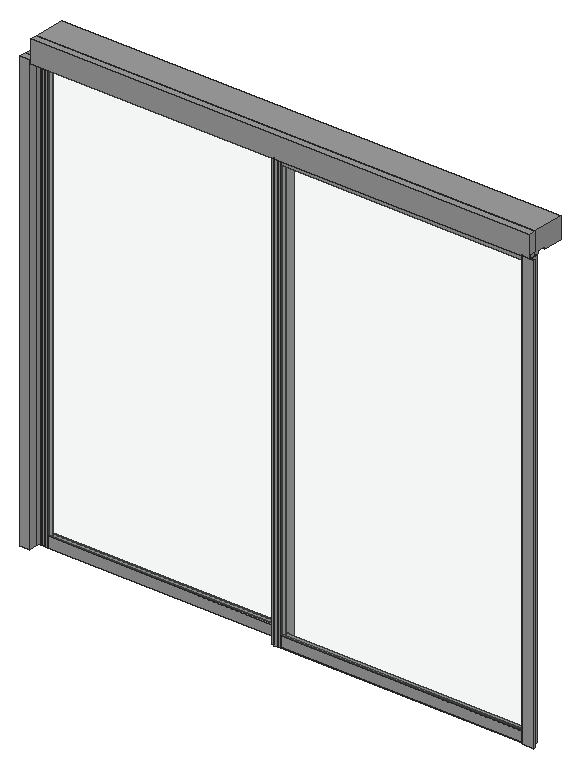
Revit family "agtatec_Record_SldngDrset_E-STA_WallBased", category Doors, host Wall, Revit 2015
Parameters (values of type "E-STA-L 108 mm drive unit height - left - with side panel")
  WithoutDriveCladding(OnlyApplicableForTypesWithoutSidePanels) = not(WithDriveCladding)  # no
  Without side panels = and(not(RightPanel), not(LeftPanel))  # no
  WithinStandardSizes = and(OpeningWidth > 799.90 mm, OpeningWidth < 3000.10 mm, ClearHeightOfPassage < 3000.10 mm, ClearHeightOfPassage > 1999.90 mm)  # yes
  WithDriveCladding = yes
  Weight = "Depends on configuration and size"
  WarrantyDurationUnit = "Depends on country"
  WallMountingProfile = yes
  TotalWidth = if(LeftPanel, SidePanelWidthLeft + OpeningWidth + 55.00 mm, if(RightPanel, SidePanelWidthRight + OpeningWidth + 55.00 mm, OpeningWidth + 110.00 mm))  # 2555.00 mm
  TotalHeight = ClearHeightOfPassage + DriveUnitHeight  # 2295.00 mm
  SustainabilityPerformance = "n/a"
  SupportLengthRight = if(InterlancingProfileRight, (OpeningWidth - 46.00 mm) / 2 + SidePanelWidthRight + DriveUnitExtraWidthRight, (OpeningWidth / 2) + 16.00 mm)  # 616.00 mm
  SupportLengthLeft = if(InterlancingProfileLeft, (OpeningWidth - 46.00 mm) / 2 + SidePanelWidthLeft + DriveUnitExtraWidthLeft, (OpeningWidth / 2) + 16.00 mm)  # 1877.00 mm
  SupportLength = SupportLengthRight + SupportLengthLeft  # 2493.00 mm
  SideVoidRight = if(RightPanel, (OpeningWidth / 2) - 16.00 mm + SidePanelWidthRight - 47.00 mm + if(Offset > 0.00 mm, 47.00 mm, 0.00 mm), if(InterlancingProfileLeft, ((OpeningWidth / 2) + 16.00 mm + if(Offset > 0.00 mm, 55.00 mm, 0.00 mm)), ((OpeningWidth / 2) - 16.00 mm + if(Offset > 0.00 mm, 55.00 mm, 0.00 mm))))  # 616.00 mm
  SideVoidLeft = if(LeftPanel, (OpeningWidth / 2) - 16.00 mm + SidePanelWidthLeft - 47.00 mm + if(Offset > 0.00 mm, 47.00 mm, 0.00 mm), if(InterlancingProfileRight, ((OpeningWidth / 2) + 16.00 mm + if(Offset > 0.00 mm, 55.00 mm, 0.00 mm)), ((OpeningWidth / 2) - 16.00 mm + if(Offset > 0.00 mm, 55.00 mm, 0.00 mm))))  # 1837.00 mm
  SidePanelWidthRight = OpeningWidth + 100.00 mm + ExtraRight  # 1300.00 mm
  SidePanelWidthLeft = OpeningWidth + 100.00 mm + ExtraLeft  # 1300.00 mm
  SidePanelMinimumStandard = InnerPanelWidth + 50.00 mm  # 1282.00 mm
  ServiceLifeType = "n/a"
  SecurityRating = "None"
  RightProfile = DoorOpeningLeft > DoorOpeningRight  # no
  RightPanel = no
  Revision = "n/a"
  ProductInformation = "www.agta-record.com"
  Process = "n/a"
  PassageMountingProfile(OnlyApplicableForTypesWithTwoSidePanels) = not(WallMountingProfile)  # no
  PanelHeight = ClearHeightOfPassage + 13.00 mm  # 2200.00 mm
  PanelFrames = agtatec_Record_Sliding Door, Aluminium
  PanelFill = agtatec_Record_Sliding Door, Laminated Safety Glass (Clear)
  Operation = "n/a"
  OpeningWidth = 1200.00 mm
  OpeningAxis = if(RightPanel, (((SidePanelWidthRight + OpeningWidth - 32.00 mm + SidePanelWidthLeft) / 2) + ExtraWidthRight / 2), if(LeftPanel, (((SidePanelWidthRight + OpeningWidth - 32.00 mm + SidePanelWidthLeft) / 2) - (ExtraWidthLeft / 2)), ((SidePanelWidthRight + OpeningWidth - 32.00 mm + SidePanelWidthLeft) / 2)))  # 1884.00 mm
  OffsetFromWallTop = 0.00 mm
  OffsetFromWallSide = 0.00 mm
  OffsetFromInteriorWallFace(OnlyApplicableForTypesWithTwoSidePanels) = 0.00 mm
  Offset = if(Without side panels, 0.00 mm, [OffsetFromInteriorWallFace(OnlyApplicableForTypesWithTwoSidePanels)])  # 0.00 mm
  Name = "SldngDrset_THERMCORD-D-STA_WallBased_Record"
  NBSTypeID = "n/a"
  NBSReference = "25-50-20/175"
  NBSOfficeMasterTag = "n/a"
  NBSNote = "n/a"
  NBSDescription = "Sliding Doorset"
  NBSCertification = "n/a"
  ModelNumber = "n/a"
  ModelLabel = "n/a"
  MethodOfMeasurement = "n/a"
  ManufacturerName = "Record"
  Thickness = 0.00 mm
  LeftProfile = DoorOpeningRight > DoorOpeningLeft  # no
  LeftPanel = yes
  InterlancingProfileRight = no
  InterlancingProfileLeft = yes
  InstallationDate [instance] = "1900-12-31T23:59:59"
  InnerPanelWidth = OpeningWidth + 32.00 mm  # 1232.00 mm
  IfcExportType = "Door"
  IfcExportAs = "IfcDoorStyle"
  Grade = "n/a"
  GlazingAreaFraction = "Depends on size. Can be calculated"
  FloorGuide = agtatec_Record_Sliding Door, Stainless Steel
  FireRating = "None"
  Fire Rating = "n/a"
  Features = "n/a"
  ExtraWidthRight = 0.00 mm
  ExtraWidthLeft = 0.00 mm
  ExtraRight = if(not(RightPanel), 0.00 mm, ExtraWidthRight)  # 0.00 mm
  ExtraLeft = if(not(LeftPanel), 0.00 mm, ExtraWidthLeft)  # 0.00 mm
  ExpectedLife = "n/a"
  DurationUnit = "year"
  Width = TotalWidth  # 2555.00 mm
  WarrantyStartDate [instance] = "1900-12-31T23:59:59"
  WarrantyGuarantorParts = "Local door manufacturer"
  WarrantyGuarantorLabour = "Local door manufacturer"
  WarrantyDurationParts = "Depends on country"
  WarrantyDurationLabour = "Depends on country"
  WarrantyDescription = "Depends on country"
  Version = "Version 1.0"
  Uniclass2 = "Ss_25_30_20_77"
  URL = "www.agta-record.com"
  Type Comments = "n/a"
  ThresholdStripping = "No additional required, part of the doorset"
  ThresholdRequired = yes
  ThermalTransmittance = 0
  TagNumber [instance] = "n/a"
  SmokeStop = no
  Size = "n/a"
  Shape = "Rectangular"
  ServiceLifeDuration = "10-15 years"
  SerialNumber [instance] = "n/a"
  SelfClosing = yes
  Rough Width = TotalWidth + OffsetFromWallSide + 6.00 mm  # 2561.00 mm
  Rough Height = TotalHeight + OffsetFromWallTop + 6.00 mm  # 2301.00 mm
  ReplacementCost = "Depends on the configuration and door type"
  ReferenceStandard = "EN16005, EN16361, DIN 18650, etc."
  Reference = "n/a"
  ProductionYear = "n/a"
  PassageWidthOptions = "n/a"
  NominalWidth = TotalWidth  # 2555.00 mm
  NominalLength = 0.00 mm
  NominalHeight = TotalHeight  # 2295.00 mm
  ModelReference = "Depends on the configuration"
  Model = "record Standard Linear Slider"
  Material = "Aluminium"
  ManufacturerURL = "www.agta-record.com"
  Manufacturer = "info@recorduk.co.uk"
  LeafColourOptions = "All RAL, customer specific"
  Keynote = "n/a"
  IssueDate = "n/a"
  IsExternal = yes
  Infiltration = "n/a"
  Height = TotalHeight  # 2295.00 mm
  HasDrive = yes
  HandicapAccessible = yes
  GlassType = "Part of glazing spec"
  GlassThickness2 = "6 mm (default)"
  GlassThickness1 = "6 mm (default)"
  GlassLayers = 2
  FrameSeal = yes
  FrameProfile = "Aluminium"
  FrameMaterial = "Aluminium"
  FrameFinishOptions = "n/a"
  FireExit = no
  Finish = "Powder coated, Anodized, customer specific"
  ElectronicLock = yes
  DriveUnitHeight = 108.00 mm
  DriveUnitExtraWidthRight = 0.00 mm
  DriveUnitExtraWidthLeft = 0.00 mm
  DriveUnit = agtatec_Record_Sliding Door, Sheet Metal (Painted Steel)
  DriveDepth = if(WithDriveCladding, 210.00 mm, 157.00 mm)  # 210.00 mm
  DoorsetOperation = "Automatic"
  DoorsetFasteners = "Screws"
  DoorSeal = "yes"
  DoorOpeningRight = if(InterlancingProfileRight, SidePanelWidthLeft + DoorOpening, (SidePanelWidthLeft - DoorOpening))  # 1300.00 mm
  DoorOpeningLeft = if(InterlancingProfileLeft, SidePanelWidthRight + DoorOpening, (SidePanelWidthRight - DoorOpening))  # 1300.00 mm
  DoorOpening = 0.00 mm
  DoorNumber = "n/a"
  DoorIncluded = yes
  Documentation = "n/a"
  DocumentReference = "n/a"
  Description = "Automatic Sliding Door"
  Cost = 0
  Controller = "n/a"
  Construction Type = "Automatic Sliding Door"
  Constituents = "n/a"
  Configuration = "1 or 2"
  Colour = "Customer specific"
  CodePerformance = "n/a"
  ClearanceZones = no
  ClearHeightOfPassage = 2187.00 mm
  CenterOfDoor = if(InterlancingProfileLeft, ((SidePanelWidthRight - 32.00 mm) + ((SupportLength) / 2)), 7.00 mm + (SupportLength / 2) - DriveUnitExtraWidthRight)  # 2514.50 mm
  Category = "n/a"
  BreakoutFacility = "n/a"
  BarCode [instance] = "n/a"
  BIMObjectName = "agtatec_Record_SlidingDoorset_E-STA_WallBased"
  Author = "agtatec"
  AssetType = "n/a"
  AssetIdentifier [instance] = "n/a"
  Assembly Code = "B2030110"
  AntiFingerTrapRequirement = yes
  AlternativeDoorsetGlazing = "Part of glazing spec"
  AcousticRating = "None"
  AccessoryOptions = "Contact manufacturer"
  AccessibilityPerformance = "n/a"
Reference planes
  plane 1: y = 0
  plane 2 "Center (Left/Right)": x = 0
  plane 3 "Wall Edge": y = 76.2
  plane 4: z = 2295
  plane 5: x = -1246.5
  plane 6: x = 1206.5
  plane 7: x = -2514.5
  plane 8 "Opening Axis": x = -630.5
Lines and regions (mm)
  Opening 1
    outline origin (-1524, -76.2, 0) x (1, 0, 0) y (0, 0, 1)
      loop
        line (277.5, 2295) -> (277.5, 0) -> (2730.5, 0) -> (2730.5, 2295) -> (277.5, 2295)
Text (mm)
  text "Placement Side" at (0, 1019.848, 3124.603), in view "Right"
  text "Placement Side" at (-1787.662, 382.045, 0), in view "Ref. Level"
  text "Placement Side" at (0, 2073.289, 3571.227), in view "Left"
Dimensions and locks
  locked: plane 3 "Wall Edge" to host wall
  "OffsetFromWallTop": Opening 1 sketch curve to plane 4
  "TotalHeight": plane 4 to level
  "OffsetFromWallSide": plane 5 to Opening 1 sketch curve
  "OffsetFromWallSide": Opening 1 sketch curve to plane 6
  "CenterOfDoor": plane 7 to plane 2 "Center (Left/Right)"
  "OpeningAxis": plane 7 to plane 8 "Opening Axis"
  "SideVoidRight": plane 5 to plane 8 "Opening Axis"
  "SideVoidLeft": plane 8 "Opening Axis" to plane 6
  "Offset": nested 1 to plane 3 "Wall Edge"
  aligned and locked: nested 1 to plane 2 "Center (Left/Right)"
Automatic sketch dimensions
  Opening 1 sketch curve to level = 0.00 mm
Nested families
  nested 1: "E-STA" at (-53.497, 76.2, 0), type "E-STA-L 150 mm drive unit height - left - with side panel"
    with WarrantyStartDate "Depends on country", TagNumber "n/a", SerialNumber "n/a", InstallationDate "n/a", BarCode "n/a", AssetIdentifier "n/a", TotalHeight 2295.00 mm, DriveUnitHeight 108.00 mm, Rough Height 2301.00 mm, NominalHeight 2295.00 mm, Height 2295.00 mm
Definition of nested family "E-STA"
  Parameters
    WithoutSidePanels = and(not(RightPanel), not(LeftPanel))  # no
    WithoutDriveCladding(OnlyApplicableForTypesWithoutSidePanels) = not(WithDriveCladding)  # no
    WithinStandardSizes = and(OpeningWidth > 799.90 mm, OpeningWidth < 3000.10 mm, ClearHeightOfPassage < 3000.10 mm, ClearHeightOfPassage > 1999.90 mm)  # yes
    WithDriveCladding = yes
    Weight = "Depends on configuration and size"
    WarrantyDurationUnit = "Depends on country"
    WallOpeningWidth = if(and(RightPanel, LeftPanel), OpeningWidth + SidePanelWidthRight + SidePanelWidthLeft, if(RightPanel, OpeningWidth + SidePanelWidthRight, if(LeftPanel, OpeningWidth + SidePanelWidthLeft, OpeningWidth)))  # 2500.00 mm
    WallMountingRight = and(WallMountingProfile, RightPanel)  # no
    WallMountingProfile = yes
    WallMountingLeft = and(WallMountingProfile, LeftPanel)  # yes
    TotalWidth = if(LeftPanel, SidePanelWidthLeft + OpeningWidth + 55.00 mm, if(RightPanel, SidePanelWidthRight + OpeningWidth + 55.00 mm, OpeningWidth + 110.00 mm))  # 2555.00 mm
    TotalHeight = ClearHeightOfPassage + DriveUnitHeight  # 2337.00 mm
    SustainabilityPerformance = "n/a"
    SupportLengthRight = if(InterlancingProfileRight, (OpeningWidth - 46.00 mm) / 2 + SidePanelWidthRight + DriveUnitExtraWidthRight, (OpeningWidth / 2) + 16.00 mm)  # 616.00 mm
    SupportLengthLeft = if(InterlancingProfileLeft, (OpeningWidth - 46.00 mm) / 2 + SidePanelWidthLeft + DriveUnitExtraWidthLeft, (OpeningWidth / 2) + 16.00 mm)  # 1877.00 mm
    SupportLength = SupportLengthRight + SupportLengthLeft  # 2493.00 mm
    SidePanelWidthRight = OpeningWidth + 100.00 mm + ExtraRight  # 1300.00 mm
    SidePanelWidthLeft = OpeningWidth + 100.00 mm + ExtraLeft  # 1300.00 mm
    SidePanelMinimumStandard = InnerPanelWidth + 50.00 mm  # 1282.00 mm
    ServiceLifeType = "n/a"
    SecurityRating = "None"
    RightPanel = no
    Revision = "n/a"
    ProfileOpeningRight = if(InterlancingProfileLeft, DoorOpeningRestriction, 0.00 mm)  # 0.00 mm
    ProfileOpeningLeft = if(InterlancingProfileRight, DoorOpeningRestriction, 0.00 mm)  # 0.00 mm
    ProductInformation = "www.agta-record.com"
    Process = "n/a"
    PassageMountingRight = and([PassageMountingProfile(OnlyApplicableForTypesWithTwoSidePanels)], RightPanel)  # no
    PassageMountingProfile(OnlyApplicableForTypesWithTwoSidePanels) = not(WallMountingProfile)  # no
    PassageMountingLeft = and([PassageMountingProfile(OnlyApplicableForTypesWithTwoSidePanels)], LeftPanel)  # no
    PanelHeight = ClearHeightOfPassage + 13.00 mm  # 2200.00 mm
    PanelFrames = none
    PanelFill = none
    OuterPanelWidthRight = OpeningWidth + 73.00 mm + ExtraRight  # 1273.00 mm
    OuterPanelWidthLeft = OpeningWidth + 73.00 mm + ExtraLeft  # 1273.00 mm
    OpeningWidth = 1200.00 mm
    Name = "SldngDrset_E-STA_Standalone_Record"
    NBSTypeID = "n/a"
    NBSReference = "25-50-20/175"
    NBSOfficeMasterTag = "n/a"
    NBSNote = "n/a"
    NBSDescription = "Sliding Doorset"
    NBSCertification = "n/a"
    ModelNumber = "n/a"
    ModelLabel = "n/a"
    MethodOfMeasurement = "n/a"
    ManufacturerName = "Record"
    LeftPanel = yes
    InterlancingProfileRight = no
    InterlancingProfileLeft = yes
    InterlancingProfileHeight = PanelHeight - 5.00 mm  # 2195.00 mm
    InstallationDate [instance] = "n/a"
    InnerPanelWidth = OpeningWidth + 32.00 mm  # 1232.00 mm
    IfcExportType = "n/a"
    IfcExportAs = "n/a"
    Grade = "n/a"
    GlazingAreaFraction = "Depends on size. Can be calculated"
    FloorGuide = none
    FireRating = "None"
    Features = "n/a"
    ExtraWidthRight = 0.00 mm
    ExtraWidthLeft = 0.00 mm
    ExtraRight = if(not(RightPanel), 0.00 mm, ExtraWidthRight)  # 0.00 mm
    ExtraLeft = if(not(LeftPanel), 0.00 mm, ExtraWidthLeft)  # 0.00 mm
    ExpectedLife = "n/a"
    DurationUnit = "year"
    DriveUnitHeight = 150.00 mm
    DriveUnitExtraWidthRight = 0.00 mm
    DriveUnitExtraWidthLeft = 0.00 mm
    DriveUnit = none
    Width = TotalWidth  # 2555.00 mm
    WarrantyStartDate [instance] = "Depends on country"
    WarrantyGuarantorParts = "Local door manufacturer"
    WarrantyGuarantorLabour = "Local door manufacturer"
    WarrantyDurationParts = "Depends on country"
    WarrantyDurationLabour = "Depends on country"
    WarrantyDescription = "Depends on country"
    Version = "Version 1.0"
    Uniclass2 = "Ss_25_30_20_77"
    URL = "www.agta-record.com"
    Type Comments = ""
    ThresholdStripping = "No additional required, part of the doorset"
    ThresholdRequired = yes
    ThermalTransmittance = 0
    TagNumber [instance] = "n/a"
    SmokeStop = no
    Size = "n/a"
    Shape = "Rectangular"
    ServiceLifeDuration = "10-15 years"
    SerialNumber [instance] = "n/a"
    SelfClosing = yes
    Rough Width = TotalWidth + 6.00 mm  # 2561.00 mm
    Rough Height = TotalHeight + 6.00 mm  # 2343.00 mm
    ReplacementCost = "Depends on the configuration and door type"
    ReferenceStandard = "EN16005, EN16361, DIN 18650, etc."
    Reference = "n/a"
    ProductionYear = "n/a"
    PassageWidthOptions = "n/a"
    Operation = "n/a"
    NominalWidth = TotalWidth  # 2555.00 mm
    NominalLength = 0.00 mm
    NominalHeight = TotalHeight  # 2337.00 mm
    ModelReference = "Depends on the configuration"
    Model = "record Standard Linear Slider"
    Material = "Aluminium"
    ManufacturerURL = "www.agta-record.com"
    Manufacturer = "info@recorduk.co.uk"
    LeafColourOptions = "All RAL, customer specific"
    Keynote = ""
    IssueDate = ""
    IsExternal = yes
    Infiltration = "n/a"
    Height = TotalHeight  # 2337.00 mm
    HasDrive = yes
    HandicapAccessible = yes
    GlassType = "Part of glazing spec"
    GlassThickness2 = "6 mm (default)"
    GlassThickness1 = "6 mm (default)"
    GlassLayers = 2
    Function = 1
    FrameSeal = yes
    FrameProfile = "Aluminium"
    FrameMaterial = "Aluminium"
    FrameFinishOptions = "n/a"
    FireExit = no
    Finish = "Powder coated, Anodized, customer specific"
    ElectronicLock = yes
    DriveDepth2 = if([WithoutDriveCladding(OnlyApplicableForTypesWithoutSidePanels)], 0.00 mm, 37.00 mm)  # 37.00 mm
    DriveDepth = if([WithoutDriveCladding(OnlyApplicableForTypesWithoutSidePanels)], 157.00 mm, 194.00 mm)  # 194.00 mm
    DoorsetOperation = "Automatic"
    DoorsetFasteners = "Screws"
    DoorSeal = "yes"
    DoorOpeningRight = if(InterlancingProfileRight, SidePanelWidthLeft + DoorOpeningRestriction, (SidePanelWidthLeft - DoorOpeningRestriction))  # 1300.00 mm
    DoorOpeningRestriction = if(DoorOpening > OpeningWidth, OpeningWidth, DoorOpening)  # 0.00 mm
    DoorOpeningLeft = if(InterlancingProfileLeft, SidePanelWidthRight + DoorOpeningRestriction, (SidePanelWidthRight - DoorOpeningRestriction))  # 1300.00 mm
    DoorOpening = 0.00 mm
    DoorNumber = "n/a"
    DoorIncluded = yes
    Documentation = "n/a"
    DocumentReference = "n/a"
    DistanceToWall = if([WithoutDriveCladding(OnlyApplicableForTypesWithoutSidePanels)], 20.00 mm, 57.00 mm)  # 57.00 mm
    Description = "Automatic Sliding Door"
    Cost = 0
    Controller = "n/a"
    Construction Type = "Automatic Sliding Door"
    Constituents = "n/a"
    Configuration = "1 or 2"
    Colour = "Customer specific"
    CodePerformance = "n/a"
    ClearanceZones = no
    ClearanceZoneRight = if(not(InterlancingProfileRight), (SupportLength / 2) + 55.00 mm, if(or(not(RightPanel), DriveUnitExtraWidthRight > 0.00 mm), SupportLength / 2, if(not(WallMountingProfile), (SupportLength / 2) + 7.00 mm, (SupportLength / 2) + 23.00 mm)))  # 1301.50 mm
    ClearanceZoneLeft = if(not(InterlancingProfileLeft), (SupportLength / 2) + 55.00 mm, if(or(not(LeftPanel), DriveUnitExtraWidthLeft > 0.00 mm), SupportLength / 2, if(not(WallMountingProfile), (SupportLength / 2) + 7.00 mm, (SupportLength / 2) + 23.00 mm)))  # 1269.50 mm
    ClearHeightOfPassage = 2187.00 mm
    CladdingVoid = if(WithoutSidePanels, 9.00 mm, 41.00 mm)  # 41.00 mm
    CladdingProfile = not([WithoutDriveCladding(OnlyApplicableForTypesWithoutSidePanels)])  # yes
    CenterOfDoor = if(InterlancingProfileLeft, ((SidePanelWidthRight - 32.00 mm) + ((SupportLength) / 2)), 7.00 mm + (SupportLength / 2) - DriveUnitExtraWidthRight)  # 2514.50 mm
    Category = "n/a"
    BreakoutFacility = "n/a"
    BarCode [instance] = "n/a"
    BIMObjectName = "agtatec_Record_SlidingDoorset_E-STA_Standalone"
    Author = "agtatec"
    AssetType = "n/a"
    AssetIdentifier [instance] = "n/a"
    Assembly Code = "B2030110"
    AntiFingerTrapRequirement = yes
    AlternativeDoorsetGlazing = "Part of glazing spec"
    AcousticRating = "None"
    AccessoryOptions = "Contact manufacturer"
    AccessibilityPerformance = "n/a"
  Reference planes
    plane 1 "Center (Front/Back)": y = 0
    plane 2: z = 0
    plane 3 "Ref": x = 6.997
    plane 4: y = 5
    plane 5: y = 101
    plane 6: z = 2337
    plane 7: z = 2187
    plane 8: z = 2545.08
    plane 9: x = -1244.003
    plane 10: z = 2357
    plane 11: y = 344
    plane 12 "Reference": z = 270
    plane 13 "2D Lines": z = 100
    plane 14: x = -1193.003
    plane 15: y = 57
    plane 16: x = 1306.997
    plane 17 "Ex Center (Left/Right)": x = -577.003
    plane 18: x = 38.997
    plane 19: x = 89.997
    plane 20: x = -1161.003
    plane 21: x = 18.997
    plane 22: x = -1173.003
    plane 23: x = -2461.003
    plane 24: y = 46
    plane 25: x = -1161.003
    plane 26: x = 6.997
    plane 27: y = 194
    plane 28 "Drive Unit - Front": y = 5
    plane 29: x = 38.997
    plane 30: x = -1193.003
    plane 31: x = 1299.997
    plane 32: x = -1193.003
    plane 33 "Center (Left/Right)": x = 53.497
    plane 34: x = 1322.997
    plane 35: x = -1248.003
  Forms (mm)
    Extrusion 1, solid, material <- "PanelFrames", visible <- "PassageMountingLeft"
      sketch origin (-430.68, 0, 0) x (-1, 0, 0) y (0, -1, 0)
        loop
          line (-1697.677, -3) -> (-1697.677, 0) -> (-1737.677, 0) -> (-1737.677, -40) -> (-1697.677, -40) -> (-1697.677, -38) -> (-1734.677, -38) -> (-1734.677, -3) -> (-1697.677, -3)
      from 0 to 2187
    Extrusion 2, solid, material <- "PanelFrames", visible <- "WallMountingLeft"
      sketch origin (-430.68, 0, 0) x (1, 0, 0) y (0, 1, 0)
        loop
          line (1697.677, 38) -> (1734.677, 38) -> (1734.677, 3) -> (1697.677, 3) -> (1697.677, 0) -> (1753.677, 0) -> (1753.677, 4) -> (1737.677, 4) -> (1737.677, 40) -> (1697.677, 40) -> (1697.677, 38)
      from 0 to 2187
    Extrusion 3, solid, material <- "PanelFrames", visible <- "PassageMountingRight"
      sketch origin (-723.327, 0, 0) x (1, 0, 0) y (0, 1, 0)
        loop
          line (-1697.677, 3) -> (-1734.677, 3) -> (-1734.677, 38) -> (-1697.677, 38) -> (-1697.677, 40) -> (-1737.677, 40) -> (-1737.677, 0) -> (-1697.677, 0) -> (-1697.677, 3)
      from 0 to 2187
    Extrusion 4, solid, material <- "PanelFrames", visible <- "WallMountingRight"
      sketch origin (-723.327, 0, 0) x (-1, 0, 0) y (0, -1, 0)
        loop
          line (1697.677, 0) -> (1697.677, -3) -> (1734.677, -3) -> (1734.677, -38) -> (1697.677, -38) -> (1697.677, -40) -> (1737.677, -40) -> (1737.677, -4) -> (1753.677, -4) -> (1753.677, 0) -> (1697.677, 0)
      from 0 to 2187
    Extrusion 5, solid, visible <- "ClearanceZones"
      sketch origin (-1193.003, 0, -304.8) x (0, 0, -1) y (0, 1, 0)
        loop
          line (-2661.8, 0) -> (-304.8, 0) -> (-304.8, 344) -> (-2661.8, 344) -> (-2661.8, 0)
      from -55 to 2516
    Extrusion 6, solid, material <- "DriveUnit"
      sketch origin (-1193.003, 0, -304.8) x (0, 0, -1) y (0, 1, 0)
        loop
          line (-2491.8, 37) -> (-2491.8, 54) -> (-2504.8, 54) -> (-2504.8, 96) -> (-2491.8, 96) -> (-2491.8, 194) -> (-2641.8, 194) -> (-2641.8, 37) -> (-2491.8, 37)
      from 0 to 2493
    Extrusion 7, solid, material <- "DriveUnit", visible <- "CladdingProfile"
      sketch origin (-577.003, -62.403, 1200) x (0, -1, 0) y (0, 0, 1)
        loop
          line (-62.403, 987) -> (-62.403, 1137) -> (-99.403, 1137) -> (-99.403, 987) -> (-62.403, 987)
      from -1877 to 616
    Extrusion 8, void
      sketch origin (-1826.039, 46, 1200) x (1, 0, 0) y (0, 0, 1)
        loop
          line (633.035, 1000) -> (633.035, 987) -> (3126.035, 987) -> (3126.035, 1000) -> (633.035, 1000)
      from 0 to 41 <- "CladdingVoid"
  Cuts and joins
    Extrusion 8 cuts Extrusion 1
    Extrusion 8 cuts Extrusion 2
    Extrusion 8 cuts Extrusion 7
  Lines and regions (mm)
    Masking region 1, visible <- "PassageMountingLeft"
      outline origin (0, 0, 0) x (1, 0, 0) y (0, 1, 0)
        loop
          line (1266.997, 38) -> (1303.997, 38) -> (1303.997, 3) -> (1266.997, 3) -> (1266.997, 0) -> (1306.997, 0) -> (1306.997, 40) -> (1266.997, 40) -> (1266.997, 38)
    Masking region 2, visible <- "WallMountingLeft"
      outline origin (0, 0, 0) x (1, 0, 0) y (0, 1, 0)
        loop
          line (1266.997, 40) -> (1266.997, 38) -> (1303.997, 38) -> (1303.997, 3) -> (1266.997, 3) -> (1266.997, 0) -> (1322.997, 0) -> (1322.997, 4) -> (1306.997, 4) -> (1306.997, 40) -> (1266.997, 40)
    Masking region 3, visible <- "PassageMountingRight"
      outline origin (0, 0, 0) x (1, 0, 0) y (0, 1, 0)
        loop
          line (-2461.003, 40) -> (-2461.003, 0) -> (-2421.003, 0) -> (-2421.003, 3) -> (-2458.003, 3) -> (-2458.003, 38) -> (-2421.003, 38) -> (-2421.003, 40) -> (-2461.003, 40)
    Masking region 4, visible <- "WallMountingRight"
      outline origin (0, 0, 0) x (1, 0, 0) y (0, 1, 0)
        loop
          line (-2477.003, 0) -> (-2421.003, 0) -> (-2421.003, 3) -> (-2458.003, 3) -> (-2458.003, 38) -> (-2421.003, 38) -> (-2421.003, 40) -> (-2461.003, 40) -> (-2461.003, 4) -> (-2477.003, 4) -> (-2477.003, 0)
    symbolic lines
      curve 1: line (-502.003, -50, 0) -> (-652.003, -50, 0)
    symbolic lines, visible <- "InterlancingProfileLeft"
      curve 2: line (-502.003, -50, 0) -> (-537.359, -14.645, 0)
      curve 3: line (-502.003, -50, 0) -> (-537.359, -85.355, 0)
    symbolic lines, visible <- "InterlancingProfileRight"
      curve 4: line (-652.003, -50, 0) -> (-616.648, -14.645, 0)
      curve 5: line (-652.003, -50, 0) -> (-616.648, -85.355, 0)
  Text (mm)
    text "Right" at (-1678.087, 0, 3204.03), in view "Back"
    text "Left" at (1021.913, 0, 3204.03), in view "Back"
  Dimensions and locks
    locked: plane 4 to plane 1 "Center (Front/Back)" at 5
    locked: plane 1 "Center (Front/Back)" to plane 5 at 101
    "DriveUnitHeight": plane 6 to plane 7
    locked: plane 8 to plane 7 at 358.08
    "ClearHeightOfPassage": plane 7 to plane 2
    locked: plane 10 to plane 6 at 20
    "OpeningWidth": plane 14 to plane 3 "Ref"
    locked: plane 9 to plane 14 at 51
    "SidePanelWidthLeft": plane 3 "Ref" to plane 16
    locked: plane 18 to plane 19 at 51
    "OpeningWidth": plane 20 to plane 18
    "InnerPanelWidth": plane 14 to plane 18
    equal spacing: plane 14, plane 17 "Ex Center (Left/Right)", plane 18
    locked: plane 3 "Ref" to plane 21 at 12
    locked: plane 22 to plane 20 at 12
    "SidePanelWidthRight": plane 23 to plane 20
    locked: plane 1 "Center (Front/Back)" to plane 24 at 46
    "DistanceToWall": plane 15 to plane 1 "Center (Front/Back)"
    "DoorOpeningLeft": plane 23 to plane 25
    "DoorOpeningRight": plane 26 to plane 16
    "DriveDepth": plane 1 "Center (Front/Back)" to plane 27
    "DriveUnitHeight": plane 27 to plane 11
    locked: plane 15 to nested 6 at 20
    locked: plane 15 to nested 2 at 20
    locked: Extrusion 6 sketch curve to Extrusion 6 sketch curve at 98
    "ProfileOpeningRight": plane 18 to plane 29
    "ProfileOpeningLeft": plane 30 to plane 14
    "SupportLengthLeft": plane 17 "Ex Center (Left/Right)" to plane 31
    "SupportLengthRight": plane 32 to plane 17 "Ex Center (Left/Right)"
    "DriveDepth2": plane 1 "Center (Front/Back)" to Extrusion 6 sketch curve
    locked: Extrusion 8 sketch curve to Extrusion 8 sketch curve at 13
    "CenterOfDoor": plane 23 to plane 33 "Center (Left/Right)"
    "ClearanceZoneLeft": plane 33 "Center (Left/Right)" to plane 34
    "ClearanceZoneRight": plane 35 to plane 33 "Center (Left/Right)"
    aligned and locked: plane 2 to level
    aligned and locked: plane 7 to Extrusion 2
    aligned and locked: plane 7 to Extrusion 1
    aligned and locked: plane 16 to Extrusion 1
    aligned and locked: nested 1 to plane 21
    aligned and locked: plane 15 to nested 3
    aligned and locked: plane 20 to nested 6
    aligned and locked: nested 2 to plane 3 "Ref"
    aligned and locked: plane 7 to Extrusion 3
    aligned and locked: plane 7 to Extrusion 4
    aligned and locked: plane 15 to nested 4
    aligned and locked: plane 10 to Extrusion 5 sketch curve
    aligned and locked: plane 11 to Extrusion 5 sketch curve
    aligned and locked: plane 1 "Center (Front/Back)" to Extrusion 5 sketch curve
    aligned and locked: level to Extrusion 5 sketch curve
    aligned and locked: nested 5 to plane 15
    aligned and locked: nested 7 to plane 15
    aligned and locked: plane 7 to Extrusion 6 sketch curve  (x2)
    aligned and locked: Extrusion 6 sketch curve to plane 6
    aligned and locked: plane 27 to Extrusion 6 sketch curve
    aligned and locked: nested 5 to plane 30
    aligned and locked: plane 30 to nested 4
    aligned and locked: nested 3 to plane 29
    aligned and locked: plane 29 to nested 7
    aligned and locked: plane 31 to Extrusion 6
    aligned and locked: plane 22 to nested 8
    aligned and locked: Extrusion 8 sketch curve to plane 31
    aligned and locked: plane 32 to Extrusion 8 sketch curve
    aligned and locked: plane 31 to cut or joined group of Extrusion 7, Extrusion 8
    aligned and locked: cut or joined group of Extrusion 7, Extrusion 8 to plane 32
    aligned and locked: Extrusion 5 to plane 35
    aligned and locked: plane 34 to Extrusion 5
  Automatic sketch dimensions
    Masking region 1 sketch curve to plane 4 = 2.00 mm
    plane 1 "Center (Front/Back)" to Masking region 1 sketch curve = 0.00 mm
    Masking region 1 sketch curve to plane 16 = 0.00 mm
    Masking region 1 sketch curve to plane 16 = 3.00 mm
    Masking region 1 sketch curve to plane 24 = 8.00 mm
    Masking region 1 sketch curve to Masking region 1 sketch curve = 37.00 mm  (x2)
    plane 17 "Ex Center (Left/Right)" to curve 1 = 75.00 mm
    plane 17 "Ex Center (Left/Right)" to curve 5 = 39.645 mm
    plane 1 "Center (Front/Back)" to curve 4 = 14.645 mm
    plane 17 "Ex Center (Left/Right)" to curve 4 = 39.645 mm
    plane 1 "Center (Front/Back)" to curve 2 = 14.645 mm
    curve 2 to plane 17 "Ex Center (Left/Right)" = 39.645 mm
    curve 3 to plane 17 "Ex Center (Left/Right)" = 39.645 mm
    plane 1 "Center (Front/Back)" to curve 2 = 50.00 mm
    curve 3 to curve 2 = 35.355 mm
    Extrusion 1 sketch curve to plane 16 = 0.00 mm
    plane 1 "Center (Front/Back)" to Extrusion 1 sketch curve = 0.00 mm
    plane 24 to Extrusion 1 sketch curve = 8.00 mm
    Extrusion 1 sketch curve to Extrusion 1 sketch curve = 37.00 mm
    Extrusion 1 sketch curve to Extrusion 1 sketch curve = 0.00 mm
    plane 4 to Extrusion 1 sketch curve = 2.00 mm
    plane 24 to Extrusion 1 sketch curve = 6.00 mm
    Masking region 1 sketch curve to Masking region 1 sketch curve = 2.00 mm
    plane 1 "Center (Front/Back)" to Extrusion 2 sketch curve = 0.00 mm
    Extrusion 2 sketch curve to plane 16 = 0.00 mm
    Extrusion 2 sketch curve to plane 24 = 8.00 mm
    Extrusion 2 sketch curve to Extrusion 2 sketch curve = 37.00 mm  (x2)
    plane 16 to Extrusion 2 sketch curve = 16.00 mm
    Extrusion 2 sketch curve to plane 4 = 2.00 mm
    Extrusion 2 sketch curve to plane 4 = 1.00 mm
    Extrusion 2 sketch curve to Extrusion 2 sketch curve = 2.00 mm
    plane 1 "Center (Front/Back)" to Masking region 2 sketch curve = 0.00 mm
    Masking region 2 sketch curve to plane 16 = 0.00 mm
    Masking region 2 sketch curve to plane 24 = 8.00 mm
    Masking region 2 sketch curve to Masking region 2 sketch curve = 37.00 mm  (x2)
    plane 16 to Masking region 2 sketch curve = 16.00 mm
    Masking region 2 sketch curve to plane 4 = 2.00 mm
    Masking region 2 sketch curve to plane 4 = 1.00 mm
    Masking region 2 sketch curve to Masking region 2 sketch curve = 2.00 mm
    plane 16 to Extrusion 1 sketch curve = 3.00 mm
    Extrusion 2 sketch curve to plane 16 = 3.00 mm
    Masking region 2 sketch curve to plane 16 = 3.00 mm
    Extrusion 3 sketch curve to plane 23 = 0.00 mm
    Extrusion 3 sketch curve to plane 4 = 2.00 mm
    plane 1 "Center (Front/Back)" to Extrusion 3 sketch curve = 0.00 mm
    Extrusion 3 sketch curve to plane 23 = 3.00 mm
    Extrusion 3 sketch curve to plane 24 = 8.00 mm
    Extrusion 3 sketch curve to Extrusion 3 sketch curve = 37.00 mm  (x2)
    Extrusion 3 sketch curve to plane 24 = 6.00 mm
    Extrusion 4 sketch curve to plane 23 = 0.00 mm
    Extrusion 4 sketch curve to plane 1 "Center (Front/Back)" = 0.00 mm
    plane 23 to Extrusion 4 sketch curve = 3.00 mm
    Extrusion 4 sketch curve to Extrusion 4 sketch curve = 37.00 mm  (x2)
    plane 24 to Extrusion 4 sketch curve = 8.00 mm
    Extrusion 4 sketch curve to plane 23 = 16.00 mm
    plane 4 to Extrusion 4 sketch curve = 2.00 mm
    plane 4 to Extrusion 4 sketch curve = 1.00 mm
    Extrusion 4 sketch curve to Extrusion 4 sketch curve = 2.00 mm
    Masking region 4 sketch curve to plane 1 "Center (Front/Back)" = 0.00 mm
    Masking region 4 sketch curve to plane 23 = 0.00 mm
    plane 23 to Masking region 4 sketch curve = 16.00 mm
    Masking region 4 sketch curve to plane 4 = 1.00 mm
    Masking region 4 sketch curve to plane 23 = 3.00 mm
    Masking region 4 sketch curve to plane 24 = 6.00 mm
    Masking region 4 sketch curve to Masking region 4 sketch curve = 37.00 mm
    Masking region 4 sketch curve to plane 4 = 2.00 mm
    Masking region 4 sketch curve to Masking region 4 sketch curve = 0.00 mm
    Masking region 4 sketch curve to Masking region 4 sketch curve = 2.00 mm
    plane 1 "Center (Front/Back)" to Masking region 3 sketch curve = 0.00 mm
    Masking region 3 sketch curve to plane 23 = 0.00 mm
    Masking region 3 sketch curve to plane 23 = 3.00 mm
    Masking region 3 sketch curve to plane 4 = 2.00 mm
    Masking region 3 sketch curve to Masking region 3 sketch curve = 37.00 mm
    Masking region 3 sketch curve to plane 24 = 6.00 mm
    Masking region 3 sketch curve to Masking region 3 sketch curve = 0.00 mm
    Masking region 3 sketch curve to Masking region 3 sketch curve = 2.00 mm
    Extrusion 7 sketch curve to plane 7 = 0.00 mm
    Extrusion 7 sketch curve to plane 6 = 0.00 mm
    Extrusion 7 sketch curve to plane 1 "Center (Front/Back)" = 0.00 mm
    Extrusion 7 sketch curve to plane 24 = 9.00 mm
    Extrusion 8 sketch curve to plane 7 = 0.00 mm
    Extrusion 6 sketch curve to plane 15 = 3.00 mm
    Extrusion 6 sketch curve to Extrusion 6 sketch curve = 13.00 mm
  Nested families
    nested 1: "Outer Panel" at (18.997, 5, 0), visible <- "LeftPanel", type "Left Panel"
      with Panel Height 2200.00 mm
    nested 2: "Interlacing profile - Outer" at (18.997, 37, 5) x (0, 1, 0) z (0, 0, 1), visible <- "InterlancingProfileLeft", type "Default"
      with Without side panels no, Interlacing profile 2 no, Interlacing profile 1 yes
    nested 3: "Interlacing profile - Inner" at (38.997, 57, 5) x (0, -1, 0) z (0, 0, 1), type "Left"
    nested 4: "Inner Panel" at (38.997, 57, 0) x (-1, 0, 0) z (0, 0, 1), visible <- "InterlancingProfileRight", type "Inner Panel"
    nested 5: "Interlacing profile - Inner" at (-1193.003, 57, 5) x (0, -1, 0) z (0, 0, 1), type "Right"
      with Side Panel yes, Opposite Panel no, Interlacing profile 3 no, Interlacing profile 2 yes, Interlacing profile 1 yes
    nested 6: "Interlacing profile - Outer" at (-1173.003, 37, 5) x (0, 1, 0) z (0, 0, 1), visible <- "InterlancingProfileRight", type "Default"
      with Without side panels no, Interlacing profile 2 no, Interlacing profile 1 yes
    nested 7: "Inner Panel" at (-1193.003, 57, 0), visible <- "InterlancingProfileLeft", type "Inner Panel"
    nested 8: "Outer Panel" at (-1173.003, 37, 0) x (-1, 0, 0) z (0, 0, 1), visible <- "RightPanel", type "Right Panel"
      with Right Panel yes, Panel Height 2200.00 mm, Left Panel no
  Definition of nested family "Outer Panel"
    Parameters
      Right Panel = no
      Panel Height = 2163.00 mm
      Panel Glass = none
      Panel Frames = none
      Outer Panel Width = 1273.00 mm
      Left Panel = yes
    Reference planes
      plane 1 "Center (Front/Back)": y = 0
      plane 2: z = 0
      plane 3 "Center (Left/Right)": x = 0
      plane 4: x = 1273
      plane 5: z = 2163
      plane 6: x = 1241
      plane 7: x = 32
      plane 8: z = 2144
      plane 9 "Above": z = 42
      plane 10: x = 1254.5
      plane 11: x = 18.5
      plane 12: y = 32
      plane 13: x = 10
    Forms (mm)
      Extrusion 1, solid, material <- "Panel Frames"
        sketch origin (0, 0, 0) x (1, 0, 0) y (0, 1, 0)
          loop
            line (0, 0) -> (32, 0) -> (32, 2.5) -> (16, 2.5) -> (16, 29.5) -> (32, 29.5) -> (32, 32) -> (0, 32) -> (0, 0)
        from 0 to 2163
      Extrusion 2, solid, material <- "Panel Frames"
        sketch origin (591.5, 0, 0) x (-1, 0, 0) y (0, -1, 0)
          loop
            line (-681.5, 0) -> (-681.5, -32) -> (-649.5, -32) -> (-649.5, -29.5) -> (-665.5, -29.5) -> (-665.5, -2.5) -> (-649.5, -2.5) -> (-649.5, 0) -> (-681.5, 0)
        from 0 to 2163
      Extrusion 3, solid, material <- "Panel Frames"
        sketch origin (75, 0, 0) x (0, 1, 0) y (0, 0, 1)
          loop
            line (0, 2163) -> (0, 2131) -> (2.5, 2131) -> (2.5, 2147) -> (29.5, 2147) -> (29.5, 2131) -> (32, 2131) -> (32, 2163) -> (0, 2163)
        from -43 to 1166
      Extrusion 4, solid, material <- "Panel Glass"
        sketch origin (0, 0, 0) x (1, 0, 0) y (0, 1, 0)
          loop
            line (18.5, 28) -> (18.5, 4) -> (1254.5, 4) -> (1254.5, 28) -> (18.5, 28)
        from 42 to 2144
      Extrusion 5, solid, material <- "Panel Frames"
        sketch origin (20, 0, 0) x (0, 1, 0) y (0, 0, 1)
          loop
            line (0, 5) -> (3.25, 5) -> (3.25, 0) -> (28.75, 0) -> (28.75, 5) -> (32, 5) -> (32, 55) -> (29.5, 55) -> (29.5, 39) -> (2.5, 39) -> (2.5, 55) -> (0, 55) -> (0, 5)
        from 12 to 1221
    Lines and regions (mm)
      Masking region 1
        outline origin (0, 0, 0) x (1, 0, 0) y (0, 1, 0)
          loop
            line (0, 32) -> (0, 0) -> (10, 0) -> (1273, 0) -> (1273, 32) -> (10, 32) -> (0, 32)
      symbolic lines, detail levels medium+fine
        curve 1: line (1241, 32, 42) -> (1241, 29.5, 42)
        curve 2: line (32, 32, 42) -> (32, 29.5, 42)
        curve 18: line (1241, 2.5, 42) -> (1241, 0, 42)
        curve 20: line (32, 2.5, 42) -> (32, 0, 42)
      symbolic lines, detail levels fine
        curve 3: line (32, 28, 42) -> (1241, 28, 42)
        curve 4: line (32, 4, 42) -> (1241, 4, 42)
        curve 5: line (1241, 29.5, 42) -> (1257, 29.5, 42)
        curve 6: line (1257, 29.5, 42) -> (1257, 2.5, 42)
        curve 7: line (1257, 2.5, 42) -> (1241, 2.5, 42)
        curve 8: line (1241, 28, 42) -> (1254.5, 28, 42)
        curve 9: line (1254.5, 28, 42) -> (1254.5, 4, 42)
        curve 10: line (1254.5, 4, 42) -> (1241, 4, 42)
        curve 11: line (32, 29.5, 42) -> (16, 29.5, 42)
        curve 12: line (16, 29.5, 42) -> (16, 2.5, 42)
        curve 13: line (16, 2.5, 42) -> (32, 2.5, 42)
        curve 14: line (32, 4, 42) -> (18.5, 4, 42)
        curve 15: line (18.5, 4, 42) -> (18.5, 28, 42)
        curve 16: line (18.5, 28, 42) -> (32, 28, 42)
      symbolic lines, detail levels medium
        curve 17: line (1241, 29.5, 42) -> (1241, 2.5, 42)
        curve 19: line (32, 29.5, 42) -> (32, 2.5, 42)
      symbolic lines, visible <- "Right Panel"
        curve 21: line (0, 32, 42) -> (10, 32, 42)
      symbolic lines, visible <- "Left Panel"
        curve 22: line (10, 0, 42) -> (0, 0, 42)
    Dimensions and locks
      "Panel Height": plane 5 to plane 2
      locked: plane 7 to plane 3 "Center (Left/Right)" at 32
      locked: plane 6 to plane 4 at 32
      locked: plane 5 to plane 8 at 19
      locked: plane 9 "Above" to level at 42
      locked: plane 4 to plane 10 at 18.5
      locked: plane 11 to plane 3 "Center (Left/Right)" at 18.5
      "Outer Panel Width": plane 4 to plane 3 "Center (Left/Right)"
      locked: plane 3 "Center (Left/Right)" to plane 13 at 10
      aligned and locked: plane 2 to level
      aligned and locked: plane 5 to Extrusion 2
      aligned and locked: plane 5 to Extrusion 1
      aligned and locked: Extrusion 3 to plane 7
      aligned and locked: Extrusion 3 to plane 6
      aligned and locked: plane 8 to Extrusion 4
      aligned and locked: Extrusion 4 to plane 9 "Above"
      aligned and locked: Extrusion 4 to plane 10
      aligned and locked: Extrusion 4 to plane 11
      aligned and locked: Extrusion 1 to level
      aligned and locked: Extrusion 2 to level
      aligned and locked: Extrusion 5 to plane 6
      aligned and locked: Extrusion 5 to plane 7
      aligned and locked: Masking region 1 sketch curve to plane 4
      aligned and locked: plane 13 to Masking region 1 sketch curve  (x2)
    Automatic sketch dimensions
      Extrusion 1 sketch curve to plane 3 "Center (Left/Right)" = 0.00 mm
      Extrusion 1 sketch curve to plane 7 = 0.00 mm  (x2)
      plane 1 "Center (Front/Back)" to Extrusion 1 sketch curve = 0.00 mm
      Extrusion 1 sketch curve to plane 11 = 2.50 mm
      Extrusion 1 sketch curve to Extrusion 1 sketch curve = 2.50 mm  (x2)
      Extrusion 1 sketch curve to Extrusion 1 sketch curve = 27.00 mm
      Extrusion 2 sketch curve to plane 4 = 0.00 mm
      Extrusion 2 sketch curve to plane 6 = 0.00 mm  (x2)
      plane 1 "Center (Front/Back)" to Extrusion 2 sketch curve = 0.00 mm
      plane 10 to Extrusion 2 sketch curve = 2.50 mm
      Extrusion 2 sketch curve to Extrusion 2 sketch curve = 2.50 mm  (x2)
      Extrusion 2 sketch curve to Extrusion 2 sketch curve = 27.00 mm
      Extrusion 3 sketch curve to plane 1 "Center (Front/Back)" = 0.00 mm
      Extrusion 3 sketch curve to plane 5 = 0.00 mm
      Extrusion 3 sketch curve to plane 1 "Center (Front/Back)" = 2.50 mm
      plane 8 to Extrusion 3 sketch curve = 3.00 mm
      Extrusion 3 sketch curve to Extrusion 3 sketch curve = 27.00 mm
      Extrusion 3 sketch curve to Extrusion 3 sketch curve = 2.50 mm
      Extrusion 3 sketch curve to plane 8 = 13.00 mm  (x2)
      Extrusion 4 sketch curve to plane 11 = 0.00 mm
      Extrusion 4 sketch curve to plane 10 = 0.00 mm
      Extrusion 4 sketch curve to plane 1 "Center (Front/Back)" = 4.00 mm
      Extrusion 4 sketch curve to Extrusion 4 sketch curve = 24.00 mm
      Extrusion 5 sketch curve to plane 1 "Center (Front/Back)" = 0.00 mm
      Extrusion 5 sketch curve to level = 0.00 mm
      Extrusion 5 sketch curve to plane 1 "Center (Front/Back)" = 3.25 mm
      Extrusion 5 sketch curve to plane 1 "Center (Front/Back)" = 2.50 mm
      level to Extrusion 5 sketch curve = 5.00 mm
      Extrusion 5 sketch curve to Extrusion 5 sketch curve = 25.50 mm
      plane 9 "Above" to Extrusion 5 sketch curve = 13.00 mm  (x2)
      Extrusion 5 sketch curve to Extrusion 5 sketch curve = 27.00 mm
      Extrusion 5 sketch curve to Extrusion 5 sketch curve = 2.50 mm
      Extrusion 5 sketch curve to Extrusion 5 sketch curve = 5.00 mm
      Extrusion 5 sketch curve to plane 9 "Above" = 3.00 mm
      plane 1 "Center (Front/Back)" to Masking region 1 sketch curve = 0.00 mm
      Masking region 1 sketch curve to plane 3 "Center (Left/Right)" = 0.00 mm
      Masking region 1 sketch curve to plane 12 = 0.00 mm
      curve 9 to plane 10 = 0.00 mm
      curve 5 to plane 6 = 0.00 mm
      curve 3 to plane 6 = 0.00 mm
      curve 11 to plane 7 = 0.00 mm
      curve 3 to plane 7 = 0.00 mm
      curve 15 to plane 11 = 0.00 mm
      curve 21 to plane 12 = 0.00 mm
      curve 21 to plane 13 = 0.00 mm
      plane 1 "Center (Front/Back)" to curve 22 = 0.00 mm
      curve 22 to plane 13 = 0.00 mm
      curve 22 to plane 3 "Center (Left/Right)" = 0.00 mm
      curve 21 to plane 3 "Center (Left/Right)" = 0.00 mm
      curve 2 to plane 12 = 0.00 mm
      curve 1 to plane 12 = 0.00 mm
      plane 1 "Center (Front/Back)" to curve 18 = 0.00 mm
      plane 1 "Center (Front/Back)" to curve 20 = 0.00 mm
      curve 5 to plane 10 = 2.50 mm
      curve 12 to plane 11 = 2.50 mm
      curve 2 to curve 2 = 2.50 mm
      curve 1 to plane 12 = 2.50 mm
      curve 1 to curve 8 = 1.50 mm
      curve 10 to plane 1 "Center (Front/Back)" = 4.00 mm
      curve 4 to plane 1 "Center (Front/Back)" = 4.00 mm
      curve 14 to curve 4 = 0.00 mm
      curve 4 to curve 7 = 1.50 mm
      curve 14 to curve 13 = 1.50 mm
  Definition of nested family "Interlacing profile - Outer"
    Parameters
      Without side panels = yes
      Wall Mounting Option 2 = no
      Panel Frames = none
      Interlancing Profile Height = 2195.00 mm
      Interlacing profile 3 = and(Without side panels, Wall Mounting Option 2)  # no
      Interlacing profile 2 = and(Without side panels, not(Wall Mounting Option 2))  # yes
      Interlacing profile 1 = not(Without side panels)  # no
    Reference planes
      plane 1 "Center (Front/Back)": y = 0
      plane 2: z = 0
      plane 3 "Center (Left/Right)": x = 0
      plane 4: z = 2195
      plane 5 "Above": z = 40
      plane 6: y = -12
    Forms (mm)
      Extrusion 1, solid, material <- "Panel Frames", visible <- "Interlacing profile 1"
        sketch origin (0, 0, 0) x (1, 0, 0) y (0, 1, 0)
          loop
            line (0, 0) -> (-32, 0) -> (-32, -12) -> (17, -12) -> (17, 10) -> (0, 10) -> (0, 0)
        from 0 to 2195
      Extrusion 2, solid, material <- "Panel Frames", visible <- "Interlacing profile 2"
        sketch origin (0, 0, 0) x (1, 0, 0) y (0, 1, 0)
          loop
            line (4.45, 10) -> (4.45, 7.5) -> (-33.5, 7.5) -> (-33.5, 32) -> (-37, 32) -> (-37, -12) -> (17, -12) -> (17, 10) -> (4.45, 10)
        from 0 to 2195
      Extrusion 3, solid, material <- "Panel Frames", visible <- "Interlacing profile 3"
        sketch origin (0, 0, 0) x (1, 0, 0) y (0, 1, 0)
          loop
            line (17, 10) -> (1.7, 10) -> (1.7, 32) -> (0, 32) -> (0, -12) -> (17, -12) -> (17, 10)
        from 0 to 2195
    Lines and regions (mm)
      Masking region 1, visible <- "Interlacing profile 1"
        outline origin (0, 0, 0) x (1, 0, 0) y (0, 1, 0)
          loop
            line (0, 10) -> (0, 0) -> (-32, 0) -> (-32, -12) -> (17, -12) -> (17, 10) -> (0, 10)
      Masking region 2, visible <- "Interlacing profile 2"
        outline origin (0, 0, 0) x (1, 0, 0) y (0, 1, 0)
          loop
            line (17, -12) -> (17, 10) -> (4.45, 10) -> (4.45, 7.5) -> (-33.5, 7.5) -> (-33.5, 32) -> (-37, 32) -> (-37, -12) -> (17, -12)
      Masking region 3, visible <- "Interlacing profile 3"
        outline origin (0, 0, 0) x (1, 0, 0) y (0, 1, 0)
          loop
            line (17, 10) -> (1.7, 10) -> (1.7, 32) -> (0, 32) -> (0, -12) -> (17, -12) -> (17, 10)
      symbolic lines, visible <- "Interlacing profile 1", detail levels medium+fine
        curve 1: line (0, 10, 40) -> (0, 0, 40)
        curve 2: line (0, 0, 40) -> (-32, 0, 40)
    Dimensions and locks
      "Interlancing Profile Height": plane 4 to level
      aligned and locked: plane 4 to Extrusion 1
      aligned and locked: plane 4 to Extrusion 2
      aligned and locked: plane 4 to Extrusion 3
      aligned and locked: Extrusion 1 to plane 6
    Automatic sketch dimensions
      plane 1 "Center (Front/Back)" to curve 1 = 0.00 mm
      curve 1 to plane 3 "Center (Left/Right)" = 0.00 mm
      curve 2 to plane 3 "Center (Left/Right)" = 32.00 mm
      curve 1 to plane 1 "Center (Front/Back)" = 10.00 mm
      Extrusion 1 sketch curve to plane 6 = 0.00 mm
      plane 1 "Center (Front/Back)" to Extrusion 1 sketch curve = 0.00 mm
      Extrusion 1 sketch curve to plane 3 "Center (Left/Right)" = 0.00 mm
      Extrusion 1 sketch curve to plane 3 "Center (Left/Right)" = 32.00 mm
      plane 3 "Center (Left/Right)" to Extrusion 1 sketch curve = 17.00 mm
      Extrusion 1 sketch curve to plane 1 "Center (Front/Back)" = 10.00 mm
      Masking region 1 sketch curve to plane 6 = 0.00 mm
      plane 1 "Center (Front/Back)" to Masking region 1 sketch curve = 0.00 mm
      Masking region 1 sketch curve to plane 3 "Center (Left/Right)" = 0.00 mm
      Masking region 1 sketch curve to plane 3 "Center (Left/Right)" = 32.00 mm
      plane 3 "Center (Left/Right)" to Masking region 1 sketch curve = 17.00 mm
      Masking region 1 sketch curve to Masking region 1 sketch curve = 10.00 mm
      Extrusion 3 sketch curve to plane 3 "Center (Left/Right)" = 0.00 mm
      Extrusion 3 sketch curve to plane 6 = 0.00 mm
      plane 3 "Center (Left/Right)" to Extrusion 3 sketch curve = 1.70 mm
      plane 3 "Center (Left/Right)" to Extrusion 3 sketch curve = 17.00 mm
      Extrusion 3 sketch curve to plane 1 "Center (Front/Back)" = 10.00 mm
      Extrusion 3 sketch curve to Extrusion 3 sketch curve = 22.00 mm
      Masking region 3 sketch curve to plane 3 "Center (Left/Right)" = 0.00 mm
      Masking region 3 sketch curve to plane 6 = 0.00 mm
      plane 3 "Center (Left/Right)" to Masking region 3 sketch curve = 1.70 mm
      Masking region 3 sketch curve to Masking region 3 sketch curve = 15.30 mm
      Masking region 3 sketch curve to plane 1 "Center (Front/Back)" = 10.00 mm
      Masking region 3 sketch curve to Masking region 3 sketch curve = 22.00 mm
      Masking region 2 sketch curve to plane 6 = 0.00 mm
      Masking region 2 sketch curve to Masking region 2 sketch curve = 3.50 mm
      Masking region 2 sketch curve to Masking region 2 sketch curve = 37.95 mm
      plane 3 "Center (Left/Right)" to Masking region 2 sketch curve = 4.45 mm
      plane 3 "Center (Left/Right)" to Masking region 2 sketch curve = 17.00 mm
      Masking region 2 sketch curve to plane 1 "Center (Front/Back)" = 7.50 mm
      Masking region 2 sketch curve to Masking region 2 sketch curve = 2.50 mm
      Masking region 2 sketch curve to Masking region 2 sketch curve = 22.00 mm
      Extrusion 2 sketch curve to plane 6 = 0.00 mm
      Extrusion 2 sketch curve to plane 3 "Center (Left/Right)" = 37.00 mm
      Extrusion 2 sketch curve to plane 1 "Center (Front/Back)" = 7.50 mm
      Extrusion 2 sketch curve to Extrusion 2 sketch curve = 3.50 mm
      plane 3 "Center (Left/Right)" to Extrusion 2 sketch curve = 4.45 mm
      Extrusion 2 sketch curve to Extrusion 2 sketch curve = 12.55 mm
      Extrusion 2 sketch curve to Extrusion 2 sketch curve = 22.00 mm
      Extrusion 2 sketch curve to plane 1 "Center (Front/Back)" = 10.00 mm
  Definition of nested family "Interlacing profile - Inner"
    Parameters
      Without side panels = no
      Wall Mounting Option 2 = no
      Side Panel = no
      Panel Frames = none
      Opposite Panel = yes
      Interlancing Profile Height = 2195.00 mm
      Interlacing profile 4 = and(Opposite Panel, Without side panels, not(Wall Mounting Option 2))  # no
      Interlacing profile 3 = or(and(not(Interlacing profile 4), not(Side Panel)), and(not(Side Panel), Wall Mounting Option 2))  # yes
      Interlacing profile 2 = and(Side Panel, not(Wall Mounting Option 2))  # no
      Interlacing profile 1 = Side Panel  # no
    Reference planes
      plane 1 "Center (Front/Back)": y = 0
      plane 2: z = 0
      plane 3 "Center (Left/Right)": x = 0
      plane 4: z = 2195
      plane 5 "Above": z = 40
      plane 6: y = -55
    Forms (mm)
      Extrusion 1, solid, material <- "Panel Frames", visible <- "Interlacing profile 2"
        sketch origin (0, -5, 0) x (1, 0, 0) y (0, 1, 0)
          loop
            line (20, 0) -> (20, -50) -> (57, -50) -> (57, 0) -> (20, 0)
        from 0 to 2195
      Extrusion 2, solid, material <- "Panel Frames", visible <- "Interlacing profile 1"
        sketch origin (0, -5, 0) x (1, 0, 0) y (0, 1, 0)
          loop
            line (20, 0) -> (-32, 0) -> (-32, -50) -> (20, -50) -> (20, 0)
        from 0 to 2195
      Extrusion 3, solid, material <- "Panel Frames", visible <- "Interlacing profile 1"
        sketch origin (0, -5, 0) x (1, 0, 0) y (0, 1, 0)
          loop
            line (-32, 0) -> (0, 0) -> (0, 5) -> (-32, 5) -> (-32, 0)
        from 0 to 2195
      Extrusion 4, solid, material <- "Panel Frames", visible <- "Interlacing profile 4"
        sketch origin (0, 0, 0) x (1, 0, 0) y (0, 1, 0)
          loop
            line (-32, 0) -> (-32, -12) -> (49, -12) -> (49, -10) -> (12, -10) -> (12, 10) -> (0, 10) -> (0, 0) -> (-32, 0)
        from 0 to 2195
      Extrusion 5, solid, material <- "Panel Frames", visible <- "Interlacing profile 3"
        sketch origin (0, 0, 0) x (1, 0, 0) y (0, 1, 0)
          loop
            line (0, 10) -> (0, 0) -> (-32, 0) -> (-32, -12) -> (12, -12) -> (12, 10) -> (0, 10)
        from 0 to 2195
    Lines and regions (mm)
      Masking region 1, visible <- "Interlacing profile 2"
        outline origin (0, -5, 0) x (1, 0, 0) y (0, 1, 0)
          loop
            line (20, 0) -> (20, -50) -> (57, -50) -> (57, 0) -> (20, 0)
      Masking region 2, visible <- "Interlacing profile 1"
        outline origin (0, -5, 0) x (1, 0, 0) y (0, 1, 0)
          loop
            line (20, -50) -> (20, 0) -> (0, 0) -> (0, 5) -> (-32, 5) -> (-32, -50) -> (20, -50)
      Masking region 3, visible <- "Interlacing profile 4"
        outline origin (0, 0, 0) x (1, 0, 0) y (0, 1, 0)
          loop
            line (-32, 0) -> (-32, -12) -> (49, -12) -> (49, -10) -> (12, -10) -> (12, 10) -> (0, 10) -> (0, 0) -> (-32, 0)
      Masking region 4, visible <- "Interlacing profile 3"
        outline origin (0, 0, 0) x (1, 0, 0) y (0, 1, 0)
          loop
            line (0, 10) -> (0, 0) -> (-32, 0) -> (-32, -12) -> (12, -12) -> (12, 10) -> (0, 10)
      symbolic lines, visible <- "Interlacing profile 1", detail levels medium+fine
        curve 1: line (0, -5, 40) -> (-32, -5, 40)
        curve 2: line (20, -5, 40) -> (20, -55, 40)
    Dimensions and locks
      "Interlancing Profile Height": plane 4 to level
      aligned and locked: plane 4 to Extrusion 1
      aligned and locked: plane 4 to Extrusion 2
      aligned and locked: plane 4 to Extrusion 3
      aligned and locked: plane 4 to Extrusion 4
      aligned and locked: plane 4 to Extrusion 5
      aligned and locked: curve 1 to Extrusion 2
    Automatic sketch dimensions
      plane 1 "Center (Front/Back)" to Masking region 1 sketch curve = 55.00 mm
      plane 3 "Center (Left/Right)" to Masking region 1 sketch curve = 20.00 mm
      plane 1 "Center (Front/Back)" to Extrusion 2 sketch curve = 5.00 mm
      Extrusion 2 sketch curve to plane 3 "Center (Left/Right)" = 32.00 mm
      plane 3 "Center (Left/Right)" to Extrusion 2 sketch curve = 20.00 mm
      plane 1 "Center (Front/Back)" to Extrusion 2 sketch curve = 55.00 mm
      plane 1 "Center (Front/Back)" to Extrusion 1 sketch curve = 5.00 mm
      Extrusion 1 sketch curve to Extrusion 1 sketch curve = 37.00 mm
      plane 3 "Center (Left/Right)" to Extrusion 1 sketch curve = 20.00 mm
      Extrusion 1 sketch curve to Extrusion 1 sketch curve = 50.00 mm
      plane 3 "Center (Left/Right)" to Masking region 1 sketch curve = 57.00 mm
      plane 1 "Center (Front/Back)" to Masking region 1 sketch curve = 5.00 mm
      plane 1 "Center (Front/Back)" to Extrusion 3 sketch curve = 5.00 mm
      Extrusion 3 sketch curve to plane 3 "Center (Left/Right)" = 0.00 mm
      Extrusion 3 sketch curve to plane 3 "Center (Left/Right)" = 32.00 mm
      Extrusion 3 sketch curve to plane 1 "Center (Front/Back)" = 0.00 mm
      Masking region 2 sketch curve to plane 3 "Center (Left/Right)" = 0.00 mm
      plane 3 "Center (Left/Right)" to Masking region 2 sketch curve = 20.00 mm
      plane 1 "Center (Front/Back)" to Masking region 2 sketch curve = 55.00 mm
      Masking region 2 sketch curve to Masking region 2 sketch curve = 5.00 mm
      plane 1 "Center (Front/Back)" to Masking region 2 sketch curve = 5.00 mm
      Masking region 2 sketch curve to Masking region 2 sketch curve = 32.00 mm
      plane 1 "Center (Front/Back)" to Extrusion 4 sketch curve = 0.00 mm
      Extrusion 4 sketch curve to plane 3 "Center (Left/Right)" = 0.00 mm
      Extrusion 4 sketch curve to Extrusion 4 sketch curve = 32.00 mm
      plane 1 "Center (Front/Back)" to Extrusion 4 sketch curve = 10.00 mm
      Extrusion 4 sketch curve to Extrusion 4 sketch curve = 37.00 mm
      Extrusion 4 sketch curve to Extrusion 4 sketch curve = 2.00 mm
      Extrusion 4 sketch curve to plane 1 "Center (Front/Back)" = 10.00 mm
      plane 3 "Center (Left/Right)" to Extrusion 4 sketch curve = 12.00 mm
      plane 1 "Center (Front/Back)" to Masking region 3 sketch curve = 0.00 mm
      Masking region 3 sketch curve to plane 3 "Center (Left/Right)" = 0.00 mm
      Masking region 3 sketch curve to Masking region 3 sketch curve = 32.00 mm
      plane 3 "Center (Left/Right)" to Masking region 3 sketch curve = 12.00 mm
      plane 1 "Center (Front/Back)" to Masking region 3 sketch curve = 12.00 mm
      Masking region 3 sketch curve to Masking region 3 sketch curve = 37.00 mm
      plane 1 "Center (Front/Back)" to Masking region 3 sketch curve = 10.00 mm
      Masking region 3 sketch curve to plane 1 "Center (Front/Back)" = 10.00 mm
      plane 1 "Center (Front/Back)" to Extrusion 5 sketch curve = 0.00 mm
      Extrusion 5 sketch curve to plane 3 "Center (Left/Right)" = 0.00 mm
      plane 1 "Center (Front/Back)" to Extrusion 5 sketch curve = 12.00 mm
      Extrusion 5 sketch curve to plane 3 "Center (Left/Right)" = 32.00 mm
      plane 3 "Center (Left/Right)" to Extrusion 5 sketch curve = 12.00 mm
      Extrusion 5 sketch curve to Extrusion 5 sketch curve = 10.00 mm
      plane 1 "Center (Front/Back)" to Masking region 4 sketch curve = 0.00 mm
      Masking region 4 sketch curve to plane 3 "Center (Left/Right)" = 0.00 mm
      plane 1 "Center (Front/Back)" to Masking region 4 sketch curve = 12.00 mm
      Masking region 4 sketch curve to plane 3 "Center (Left/Right)" = 32.00 mm
      plane 3 "Center (Left/Right)" to Masking region 4 sketch curve = 12.00 mm
      Masking region 4 sketch curve to Masking region 4 sketch curve = 10.00 mm
      curve 2 to plane 6 = 0.00 mm
      curve 1 to plane 3 "Center (Left/Right)" = 0.00 mm
      plane 1 "Center (Front/Back)" to curve 2 = 5.00 mm
      curve 2 to curve 1 = 20.00 mm
      plane 1 "Center (Front/Back)" to curve 1 = 5.00 mm
  Definition of nested family "Inner Panel"
    Parameters
      Panel Height = 2200.00 mm
      Panel Glass = none
      Panel Frames = none
      Interlacing profile right = no
      Interlacing profile left = yes
      Inner Panel Width = 1232.00 mm
    Reference planes
      plane 1 "Center (Front/Back)": y = 0
      plane 2: z = 0
      plane 3 "Center (Left/Right)": x = 0
      plane 4: x = 1232
      plane 5: z = 2200
      plane 6: x = 1200
      plane 7: x = 37
      plane 8: z = 2181
      plane 9 "Above": z = 42
      plane 10: x = 1213.5
      plane 11: x = 23.5
      plane 12: z = 5
      plane 13: x = 1222
      plane 14: x = 5
    Forms (mm)
      Extrusion 1, solid, material <- "Panel Frames"
        sketch origin (0, 0, 0) x (1, 0, 0) y (0, 1, 0)
          loop
            line (5, 0) -> (37, 0) -> (37, 2.5) -> (21, 2.5) -> (21, 29.5) -> (37, 29.5) -> (37, 32) -> (5, 32) -> (5, 0)
        from 5 to 2200
      Extrusion 2, solid, material <- "Panel Frames"
        sketch origin (591.5, 0, 0) x (-1, 0, 0) y (0, -1, 0)
          loop
            line (-640.5, 0) -> (-640.5, -32) -> (-608.5, -32) -> (-608.5, -29.5) -> (-624.5, -29.5) -> (-624.5, -2.5) -> (-608.5, -2.5) -> (-608.5, 0) -> (-640.5, 0)
        from 5 to 2200
      Extrusion 3, solid, material <- "Panel Frames"
        sketch origin (-55, 0, 0) x (0, 1, 0) y (0, 0, 1)
          loop
            line (0, 5) -> (14.65, 5) -> (14.65, 26) -> (17.35, 26) -> (17.35, 5) -> (32, 5) -> (32, 55) -> (29.5, 55) -> (29.5, 39) -> (2.5, 39) -> (2.5, 55) -> (0, 55) -> (0, 5)
        from 92 to 1255
